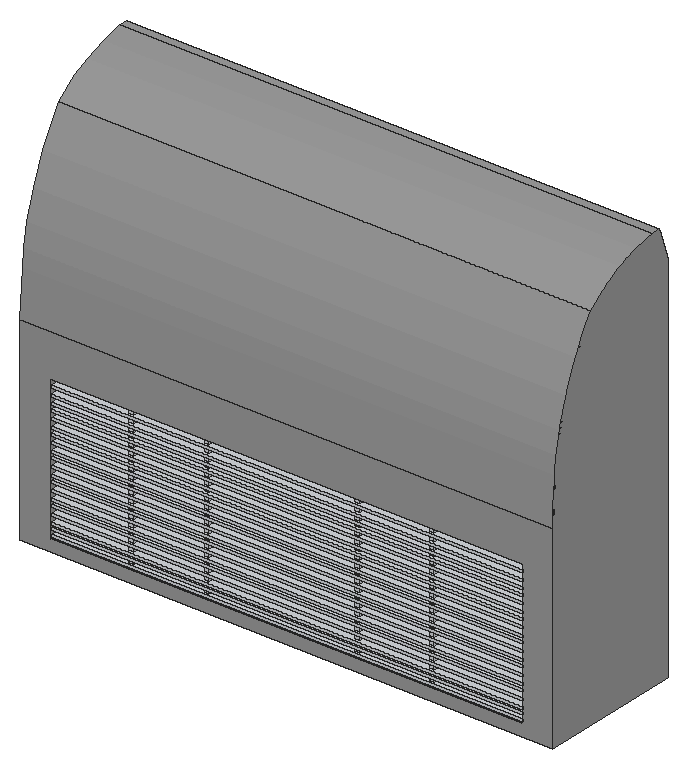
Revit family "GMV-ND28-56ZDB-T", category 机械设备, Revit 2014
Parameters
  unit width = 870 mm
  unit height = 665 mm
  unit depth = 234.964 mm
Reference planes
  plane 1 "中心(前/后)": y = 0
  plane 2: z = 0
  plane 3 "中心(左/右)": x = 0
  plane 4: z = 665
  plane 5: x = -435
  plane 6: x = 435
Forms (mm)
  Extrusion 1, solid, material "cabinet"
    sketch origin (0, 0, 0) x (0, 1, 0) y (0, 0, 1)
      loop
        line (-115, 0) -> (119.964, 0) -> (119.964, 612.814) -> (105.074, 661.518) -> (102.152, 665) -> (89.308, 663.707)
        spline (89.308, 663.707) -> (74.922, 661.089) -> (63.302, 658.369) -> (52.948, 655.442) -> (42.852, 652.222) -> (33.02, 648.668) -> (23.585, 644.742) -> (14.669, 640.438) -> (6.33, 635.929) -> (-1.396, 631.449) -> (-8.869, 626.888) -> (-19.162, 619.744) -> (-36.49, 606.515)
        spline (-36.49, 606.515) -> (-54.249, 577.092) -> (-67.405, 551.788) -> (-77.398, 529.895) -> (-85.19, 510.219) -> (-91.577, 491.432) -> (-97.059, 472.347) -> (-101.922, 451.907) -> (-106.001, 431.633) -> (-108.479, 416.723) -> (-110.005, 402.143) -> (-112.301, 374.148) -> (-115, 321.342)
        line (-115, 321.342) -> (-115, 0)
    from -435 to 435
  Extrusion 2, void
    sketch origin (0, 0, 0) x (1, 0, 0) y (0, 0, 1)
      loop
        line (-385, 252.343) -> (-385, 18.31) -> (386.159, 18.31) -> (386.159, 252.343) -> (-385, 252.343)
    from 82.005 to 179.288
  Extrusion 3, solid
    sketch origin (5, 0, 0) x (1, 0, 0) y (0, 0, 1)
      loop
        line (-390, 244.539) -> (-390, 240.215) -> (381.159, 240.215) -> (381.159, 244.539) -> (-390, 244.539)
    from 84.534 to 115
  Extrusion 4, solid
    sketch origin (5, 0, -12.882) x (1, 0, 0) y (0, 0, 1)
      loop
        line (-390, 244.539) -> (-390, 240.215) -> (381.159, 240.215) -> (381.159, 244.539) -> (-390, 244.539)
    from 84.534 to 115
  Extrusion 5, solid
    sketch origin (5, 0, -25.485) x (1, 0, 0) y (0, 0, 1)
      loop
        line (-390, 244.539) -> (-390, 240.215) -> (381.159, 240.215) -> (381.159, 244.539) -> (-390, 244.539)
    from 84.534 to 115
  Extrusion 6, solid
    sketch origin (0, 0, 0) x (1, 0, 0) y (0, 0, 1)
      loop
        line (-261.218, 252.343) -> (-261.218, 25.059) -> (-253.879, 25.059) -> (-253.879, 252.343) -> (-261.218, 252.343)
      loop
        line (-137.885, 252.343) -> (-137.885, 25.059) -> (-130.546, 25.059) -> (-130.546, 252.343) -> (-137.885, 252.343)
      loop
        line (108.07, 252.343) -> (108.07, 25.059) -> (115.409, 25.059) -> (115.409, 252.343) -> (108.07, 252.343)
      loop
        line (230.223, 252.343) -> (230.223, 25.059) -> (237.562, 25.059) -> (237.562, 252.343) -> (230.223, 252.343)
    from 102.773 to 110
  Extrusion 7, solid
    sketch origin (5, 0, -35) x (1, 0, 0) y (0, 0, 1)
      loop
        line (-390, 244.539) -> (-390, 240.215) -> (381.159, 240.215) -> (381.159, 244.539) -> (-390, 244.539)
    from 84.534 to 115
  Extrusion 8, solid
    sketch origin (5, 0, -47.882) x (1, 0, 0) y (0, 0, 1)
      loop
        line (-390, 244.539) -> (-390, 240.215) -> (381.159, 240.215) -> (381.159, 244.539) -> (-390, 244.539)
    from 84.534 to 115
  Extrusion 9, solid
    sketch origin (5, 0, -60.485) x (1, 0, 0) y (0, 0, 1)
      loop
        line (-390, 244.539) -> (-390, 240.215) -> (381.159, 240.215) -> (381.159, 244.539) -> (-390, 244.539)
    from 84.534 to 115
  Extrusion 10, solid
    sketch origin (5, 0, -70) x (1, 0, 0) y (0, 0, 1)
      loop
        line (-390, 244.539) -> (-390, 240.215) -> (381.159, 240.215) -> (381.159, 244.539) -> (-390, 244.539)
    from 84.534 to 115
  Extrusion 11, solid
    sketch origin (5, 0, -82.882) x (1, 0, 0) y (0, 0, 1)
      loop
        line (-390, 244.539) -> (-390, 240.215) -> (381.159, 240.215) -> (381.159, 244.539) -> (-390, 244.539)
    from 84.534 to 115
  Extrusion 12, solid
    sketch origin (5, 0, -95.485) x (1, 0, 0) y (0, 0, 1)
      loop
        line (-390, 244.539) -> (-390, 240.215) -> (381.159, 240.215) -> (381.159, 244.539) -> (-390, 244.539)
    from 84.534 to 115
  Extrusion 13, solid
    sketch origin (5, 0, -105) x (1, 0, 0) y (0, 0, 1)
      loop
        line (-390, 244.539) -> (-390, 240.215) -> (381.159, 240.215) -> (381.159, 244.539) -> (-390, 244.539)
    from 84.534 to 115
  Extrusion 14, solid
    sketch origin (5, 0, -117.882) x (1, 0, 0) y (0, 0, 1)
      loop
        line (-390, 244.539) -> (-390, 240.215) -> (381.159, 240.215) -> (381.159, 244.539) -> (-390, 244.539)
    from 84.534 to 115
  Extrusion 15, solid
    sketch origin (5, 0, -130.485) x (1, 0, 0) y (0, 0, 1)
      loop
        line (-390, 244.539) -> (-390, 240.215) -> (381.159, 240.215) -> (381.159, 244.539) -> (-390, 244.539)
    from 84.534 to 115
  Extrusion 16, solid
    sketch origin (5, 0, -140) x (1, 0, 0) y (0, 0, 1)
      loop
        line (-390, 244.539) -> (-390, 240.215) -> (381.159, 240.215) -> (381.159, 244.539) -> (-390, 244.539)
    from 84.534 to 115
  Extrusion 17, solid
    sketch origin (5, 0, -152.882) x (1, 0, 0) y (0, 0, 1)
      loop
        line (-390, 244.539) -> (-390, 240.215) -> (381.159, 240.215) -> (381.159, 244.539) -> (-390, 244.539)
    from 84.534 to 115
  Extrusion 18, solid
    sketch origin (5, 0, -165.485) x (1, 0, 0) y (0, 0, 1)
      loop
        line (-390, 244.539) -> (-390, 240.215) -> (381.159, 240.215) -> (381.159, 244.539) -> (-390, 244.539)
    from 84.534 to 115
  Extrusion 19, solid
    sketch origin (5, 0, -175) x (1, 0, 0) y (0, 0, 1)
      loop
        line (-390, 244.539) -> (-390, 240.215) -> (381.159, 240.215) -> (381.159, 244.539) -> (-390, 244.539)
    from 84.534 to 115
  Extrusion 20, solid
    sketch origin (5, 0, -187.882) x (1, 0, 0) y (0, 0, 1)
      loop
        line (-390, 244.539) -> (-390, 240.215) -> (381.159, 240.215) -> (381.159, 244.539) -> (-390, 244.539)
    from 84.534 to 115
  Extrusion 21, solid
    sketch origin (5, 0, -200.485) x (1, 0, 0) y (0, 0, 1)
      loop
        line (-390, 244.539) -> (-390, 240.215) -> (381.159, 240.215) -> (381.159, 244.539) -> (-390, 244.539)
    from 84.534 to 115
  Extrusion 22, solid
    sketch origin (5, 0, -208.727) x (1, 0, 0) y (0, 0, 1)
      loop
        line (-390, 244.539) -> (-390, 240.215) -> (381.159, 240.215) -> (381.159, 244.539) -> (-390, 244.539)
    from 84.534 to 115
  Extrusion 23, solid
    sketch origin (5, 0, -218.727) x (1, 0, 0) y (0, 0, 1)
      loop
        line (-390, 244.539) -> (-390, 240.215) -> (381.159, 240.215) -> (381.159, 244.539) -> (-390, 244.539)
    from 84.534 to 115
Cuts and joins
  Extrusion 2 cuts Extrusion 1
Dimensions and locks
  "unit width": cut or joined group of Extrusion 1, Extrusion 2 to cut or joined group of Extrusion 1, Extrusion 2
  "unit depth": cut or joined group of Extrusion 1, Extrusion 2 to cut or joined group of Extrusion 1, Extrusion 2
  "unit height": plane 4 to level
  "unit width": plane 6 to plane 5
  aligned and locked: level to plane 2
Automatic sketch dimensions
  Extrusion 1 sketch curve to level = 0 mm
  Extrusion 1 sketch curve to plane 4 = 0 mm
  plane 1 "中心(前/后)" to Extrusion 1 sketch curve = 115 mm
  plane 1 "中心(前/后)" to Extrusion 1 sketch curve = 36.49 mm
  Extrusion 1 sketch curve to plane 4 = 1.293 mm
  Extrusion 1 sketch curve to plane 1 "中心(前/后)" = 89.308 mm
  Extrusion 1 sketch curve to Extrusion 1 sketch curve = 12.844 mm
  Extrusion 1 sketch curve to plane 4 = 3.482 mm
  Extrusion 1 sketch curve to Extrusion 1 sketch curve = 2.922 mm
  Extrusion 1 sketch curve to plane 1 "中心(前/后)" = 119.964 mm
  level to Extrusion 1 sketch curve = 321.342 mm
  Extrusion 1 sketch curve to plane 4 = 58.485 mm
  Extrusion 1 sketch curve to Extrusion 1 sketch curve = 48.704 mm
  level to Extrusion 2 sketch curve = 18.31 mm
  plane 5 to Extrusion 2 sketch curve = 50 mm
  plane 6 to Extrusion 2 sketch curve = 48.841 mm
  Extrusion 2 sketch curve to Extrusion 2 sketch curve = 234.033 mm
  plane 5 to Extrusion 3 sketch curve = 50 mm
  plane 6 to Extrusion 3 sketch curve = 48.841 mm
  level to Extrusion 3 sketch curve = 240.215 mm
  Extrusion 3 sketch curve to Extrusion 3 sketch curve = 4.323 mm
  plane 5 to Extrusion 4 sketch curve = 50 mm
  plane 6 to Extrusion 4 sketch curve = 48.841 mm
  level to Extrusion 4 sketch curve = 227.333 mm
  Extrusion 4 sketch curve to Extrusion 4 sketch curve = 4.323 mm
  plane 5 to Extrusion 5 sketch curve = 50 mm
  plane 6 to Extrusion 5 sketch curve = 48.841 mm
  level to Extrusion 5 sketch curve = 214.73 mm
  Extrusion 5 sketch curve to Extrusion 5 sketch curve = 4.323 mm
  level to Extrusion 6 sketch curve = 25.059 mm  (x4)
  plane 5 to Extrusion 6 sketch curve = 173.782 mm
  Extrusion 6 sketch curve to Extrusion 6 sketch curve = 7.339 mm  (x4)
  Extrusion 6 sketch curve to Extrusion 6 sketch curve = 115.994 mm
  plane 3 "中心(左/右)" to Extrusion 6 sketch curve = 108.07 mm
  Extrusion 6 sketch curve to Extrusion 6 sketch curve = 114.815 mm
  Extrusion 6 sketch curve to Extrusion 6 sketch curve = 227.285 mm  (x2)
  Extrusion 6 sketch curve to Extrusion 6 sketch curve = 0 mm  (x2)
  plane 5 to Extrusion 7 sketch curve = 50 mm
  plane 6 to Extrusion 7 sketch curve = 48.841 mm
  level to Extrusion 7 sketch curve = 205.215 mm
  Extrusion 7 sketch curve to Extrusion 7 sketch curve = 4.323 mm
  plane 5 to Extrusion 8 sketch curve = 50 mm
  plane 6 to Extrusion 8 sketch curve = 48.841 mm
  level to Extrusion 8 sketch curve = 192.333 mm
  Extrusion 8 sketch curve to Extrusion 8 sketch curve = 4.323 mm
  plane 5 to Extrusion 9 sketch curve = 50 mm
  plane 6 to Extrusion 9 sketch curve = 48.841 mm
  level to Extrusion 9 sketch curve = 179.73 mm
  Extrusion 9 sketch curve to Extrusion 9 sketch curve = 4.323 mm
  plane 5 to Extrusion 10 sketch curve = 50 mm
  plane 6 to Extrusion 10 sketch curve = 48.841 mm
  level to Extrusion 10 sketch curve = 170.215 mm
  Extrusion 10 sketch curve to Extrusion 10 sketch curve = 4.323 mm
  plane 5 to Extrusion 11 sketch curve = 50 mm
  plane 6 to Extrusion 11 sketch curve = 48.841 mm
  level to Extrusion 11 sketch curve = 157.333 mm
  Extrusion 11 sketch curve to Extrusion 11 sketch curve = 4.323 mm
  plane 5 to Extrusion 12 sketch curve = 50 mm
  plane 6 to Extrusion 12 sketch curve = 48.841 mm
  level to Extrusion 12 sketch curve = 144.73 mm
  Extrusion 12 sketch curve to Extrusion 12 sketch curve = 4.323 mm
  plane 5 to Extrusion 13 sketch curve = 50 mm
  plane 6 to Extrusion 13 sketch curve = 48.841 mm
  level to Extrusion 13 sketch curve = 135.215 mm
  Extrusion 13 sketch curve to Extrusion 13 sketch curve = 4.323 mm
  plane 5 to Extrusion 14 sketch curve = 50 mm
  plane 6 to Extrusion 14 sketch curve = 48.841 mm
  level to Extrusion 14 sketch curve = 122.333 mm
  Extrusion 14 sketch curve to Extrusion 14 sketch curve = 4.323 mm
  plane 5 to Extrusion 15 sketch curve = 50 mm
  plane 6 to Extrusion 15 sketch curve = 48.841 mm
  level to Extrusion 15 sketch curve = 109.73 mm
  Extrusion 15 sketch curve to Extrusion 15 sketch curve = 4.323 mm
  plane 5 to Extrusion 16 sketch curve = 50 mm
  plane 6 to Extrusion 16 sketch curve = 48.841 mm
  level to Extrusion 16 sketch curve = 100.215 mm
  Extrusion 16 sketch curve to Extrusion 16 sketch curve = 4.323 mm
  plane 5 to Extrusion 17 sketch curve = 50 mm
  plane 6 to Extrusion 17 sketch curve = 48.841 mm
  level to Extrusion 17 sketch curve = 87.333 mm
  Extrusion 17 sketch curve to Extrusion 17 sketch curve = 4.323 mm
  plane 5 to Extrusion 18 sketch curve = 50 mm
  plane 6 to Extrusion 18 sketch curve = 48.841 mm
  level to Extrusion 18 sketch curve = 74.73 mm
  Extrusion 18 sketch curve to Extrusion 18 sketch curve = 4.323 mm
  plane 5 to Extrusion 19 sketch curve = 50 mm
  plane 6 to Extrusion 19 sketch curve = 48.841 mm
  level to Extrusion 19 sketch curve = 65.215 mm
  Extrusion 19 sketch curve to Extrusion 19 sketch curve = 4.323 mm
  plane 5 to Extrusion 20 sketch curve = 50 mm
  plane 6 to Extrusion 20 sketch curve = 48.841 mm
  level to Extrusion 20 sketch curve = 52.333 mm
  Extrusion 20 sketch curve to Extrusion 20 sketch curve = 4.323 mm
  plane 5 to Extrusion 21 sketch curve = 50 mm
  plane 6 to Extrusion 21 sketch curve = 48.841 mm
  level to Extrusion 21 sketch curve = 39.73 mm
  Extrusion 21 sketch curve to Extrusion 21 sketch curve = 4.323 mm
  plane 5 to Extrusion 22 sketch curve = 50 mm
  plane 6 to Extrusion 22 sketch curve = 48.841 mm
  level to Extrusion 22 sketch curve = 31.489 mm
  Extrusion 22 sketch curve to Extrusion 22 sketch curve = 4.323 mm
  level to Extrusion 23 sketch curve = 21.489 mm
  plane 5 to Extrusion 23 sketch curve = 50 mm
  plane 6 to Extrusion 23 sketch curve = 48.841 mm
  Extrusion 23 sketch curve to Extrusion 23 sketch curve = 4.323 mm
